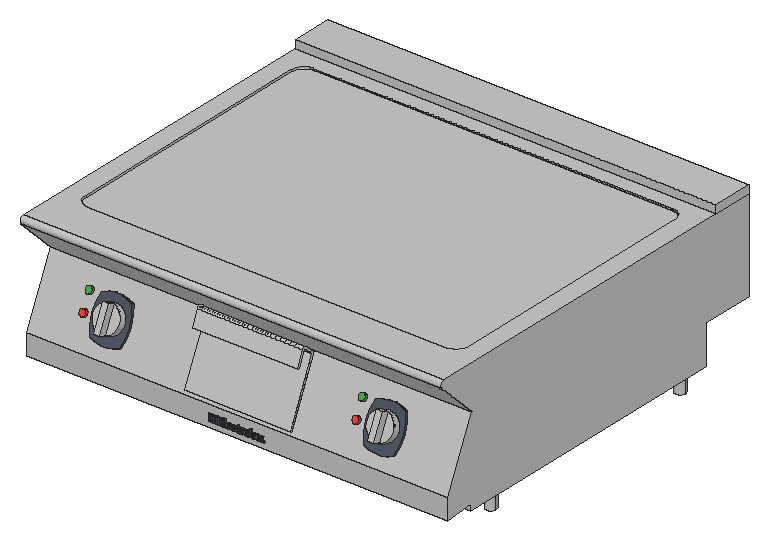
Revit family "QF_ELECTROLUXPROFESSIONAL_Professional_371329_E7IIMIAOMEA", category Specialty Equipment, Revit 2018
Family settings
  Round Connector Dimension = Use Diameter
  Part Type = Normal
  Work Plane-Based = No
  Always vertical = Yes
  Cut with Voids When Loaded = No
  Shared = No
  Room Calculation Point = No
Parameters
  Width = 800.1 mm  # constant formula
  Weight in Pounds = 185  # constant formula
  Watts = 7800 VA  # 7800 W
  Volts = 230 V  # constant formula
  URL Cutsheet = "www.electrolux.com/foodservice"
  URL = "www.electrolux.com/foodservice"
  Type Mark [instance] = ""
  Status [instance] = ""
  Specification by User [instance] = ""
  Specification by Manufacturer = ""
  Show Logo [instance] = yes
  Show Clearance [instance] = yes
  Serial Number = ""
  Seismic Rating = ""
  SMACNA No = ""
  Revision Code [instance] = ""
  Phase = 3  # constant formula
  Omniclass Number and Title = ""
  Number of Poles [instance] = 1
  NAFEM Spec ID Number = ""
  Model = "371200"
  Min Ckt Ampacity = 0 A
  Max Overcurrent Protection = 0 A
  Masterspec = ""
  Manufacturer = "ELECTROLUX"
  Item Number [instance] = ""
  Installed By [instance] = ""
  Identify Quantity as Lot [instance] = yes
  Height = 290.5 mm  # constant formula
  HP = "10.5 HP"
  Furnished By [instance] = ""
  Foodservice Equipment Identifier [instance] = yes
  FL Amps = if(Phase = 3, Watts / (Volts * 1.73), Watts / Volts)  # 19.6029 A
  Electrical Remarks [instance] = "230 V/3 ph/50/60 Hz"  # constant formula
  Electric Connection Type [instance] = ""
  Elec Conn RI Height [instance] = 0 mm
  Elec Conn Connection Height [instance] = 0 mm
  Direct Waste Size = 0"
  Description = "700XP Full Module Electricl Fry Top, 2/3 Smooth - 1/3 Ribbed Plate, Mild Steel - 230V"
  Depth = 730.25 mm  # constant formula
  Cycle [instance] = if([60 Hertz Option], 60 Hz, 50 Hz)  # 60 Hz
  Conn Plug = ""
  Conn Conduit = yes
  CSI MasterFormat = ""
  CSI Master Format = ""
  Base Height [instance] = 25.4 mm
  Apparent Power = if(Phase = 3, Volts * FL Amps * 1.73, Volts * FL Amps)  # 7800 VA
  60 Hertz Option [instance] = not([50 Hertz Option])  # yes
  50 Hertz Option [instance] = no
Reference planes
  plane 1 "BACK": y = 0
  plane 2: z = 0
  plane 3 "LEFT": x = 0
  plane 4 "RIGHT": x = 800.1
  plane 5 "FRONT": y = -730.25
  plane 6 "TOP": z = 290.5
  plane 7 "Center Y": x = 400.05
  plane 8 "Center X": y = -365.125
  plane 9 "BASE": z = 25.4
Forms (mm)
  Extrusion 1, solid, material "QF_Finishes_Clearance", visible <- "Show Clearance", detail levels coarse
    sketch origin (0, 0, 0) x (1, 0, 0) y (0, 1, 0)
      loop
        line (0, -730.25) -> (0, 0) -> (800.1, 0) -> (800.1, -730.25) -> (950.119, -730.25) -> (950.119, 150.019) -> (-150.019, 150.019) -> (-150.019, -730.25) -> (0, -730.25)
    from 0 to 290.5
  Extrusion 2, solid, material "QF_Finishes_Stainless Steel"
    sketch origin (0, 0, 0) x (0, 1, 0) y (0, 0, 1)
      loop
        line (0, 275.388) -> (-722.94, 275.388)
        arc (-722.94, 275.388) -> (-729.701, 270.87) -> (-728.114, 262.895) r 7.318
        line (-728.114, 262.895) -> (-657.676, 192.457) -> (-713.772, 70.59) -> (-713.772, 32.49) -> (-660.4, 38.1) -> (-660.4, 25.4) -> (-101.6, 25.4) -> (-101.6, 100.012) -> (0, 100.012) -> (0, 275.388)
    from 0 to 800.1
  Extrusion 3, void
    sketch origin (0, 0, 275.388) x (1, 0, 0) y (0, -1, 0)
      loop
        line (60.425, 104.885) -> (739.675, 104.885)
        arc (739.675, 104.885) -> (757.636, 112.324) -> (765.075, 130.285) r 25.4
        line (765.075, 130.285) -> (765.075, 619.485)
        arc (765.075, 619.485) -> (757.636, 637.445) -> (739.675, 644.885) r 25.4
        line (739.675, 644.885) -> (60.425, 644.885)
        arc (60.425, 644.885) -> (42.464, 637.445) -> (35.025, 619.485) r 25.4
        line (35.025, 619.485) -> (35.025, 130.285)
        arc (35.025, 130.285) -> (42.464, 112.324) -> (60.425, 104.885) r 25.4
    from 0 to 3.2
  Extrusion 4, solid, material "QF_Finishes_Stainless Steel"
    sketch origin (0, 0, 0) x (1, 0, 0) y (0, 1, 0)
      loop
        circle (11.112, -147.638) r 9.525
      loop
        circle (11.112, -597.884) r 9.525
      loop
        circle (788.987, -147.638) r 9.525
      loop
        circle (788.987, -597.884) r 9.525
    from 0 to 25.4
  Extrusion 5, solid, material "QF_Finishes_Stainless Steel"
    sketch origin (0, -101.6, 100.012) x (0, 0, -1) y (-1, 0, 0)
      loop
        circle (40.707, -749.3) r 12.7
    from 0 to 3.175
  Extrusion 6, solid, material "QF_Finishes_Stainless Steel"
    sketch origin (400.05, 175.397, 1219.2) x (0, 1, 0) y (0, 0, 1)
      loop
        line (-834.228, -1029.241) -> (-850.635, -1012.834)
        arc (-850.635, -1012.834) -> (-855.102, -1011.432) -> (-858.806, -1014.296) r 5.058
        line (-858.806, -1014.296) -> (-871.468, -1041.806) -> (-868.584, -1043.134) -> (-855.922, -1015.624)
        arc (-855.922, -1015.624) -> (-854.543, -1014.557) -> (-852.88, -1015.079) r 1.883
        line (-852.88, -1015.079) -> (-838.037, -1029.922) -> (-888.871, -1140.367) -> (-885.987, -1141.695) -> (-834.228, -1029.241)
    from 100 to -100
  Extrusion 7, solid, material "QF_Finishes_Drawer Clearance", visible <- "Show Clearance", detail levels coarse
    sketch origin (293.7, -101.6, 0) x (0, 1, 0) y (0, 0, 1)
      loop
        line (-660.751, 176.066) -> (-648.089, 203.576)
        arc (-648.089, 203.576) -> (-646.71, 204.643) -> (-645.046, 204.121) r 1.883
        line (-645.046, 204.121) -> (-630.204, 189.278) -> (-681.037, 78.833) -> (-678.153, 77.505) -> (-608.989, 77.505) -> (-557.231, 189.959) -> (-573.638, 206.366)
        arc (-573.638, 206.366) -> (-574.873, 207.273) -> (-576.323, 207.768) r 5.058
        line (-576.323, 207.768) -> (-647.269, 207.768)
        arc (-647.269, 207.768) -> (-649.472, 206.79) -> (-650.973, 204.904) r 5.058
        line (-650.973, 204.904) -> (-663.635, 177.394) -> (-660.751, 176.066)
    from 6.35 to 206.35
  Extrusion 8, solid, material "QF_Finishes_Navy Blue"
    sketch origin (0, -713.772, 70.59) x (0, 0.418137, 0.908384) y (-1, 0, 0)
      loop
        arc (100.548, -111.195) -> (65.254, -103.821) -> (29.891, -110.852) r 90.252
        arc (29.891, -110.852) -> (23.059, -139.635) -> (29.652, -168.474) r 65.19
        arc (29.652, -168.474) -> (65.166, -175.722) -> (100.621, -168.194) r 88.914
        arc (100.621, -168.194) -> (107.168, -139.686) -> (100.548, -111.195) r 64.978
    from 0 to 3.175
  Extrusion 9, solid, material "QF_Finishes_Stainless Steel"
    sketch origin (-21.25, -717.485, 70.116) x (0, 0.418137, 0.908384) y (-1, 0, 0)
      loop
        circle (68.826, -160.963) r 25.4
    from 0 to 12.7
  Extrusion 10, solid, material "QF_Finishes_Stainless Steel"
    sketch origin (-21.25, -729.022, 75.427) x (0, 0.418137, 0.908384) y (-1, 0, 0)
      loop
        arc (93.558, -166.749) -> (94.226, -160.963) -> (93.558, -155.177) r 25.4
        line (93.558, -155.177) -> (44.094, -155.177)
        arc (44.094, -155.177) -> (43.426, -160.963) -> (44.094, -166.749) r 25.4
        line (44.094, -166.749) -> (93.558, -166.749)
    from 0 to 12.7
  Extrusion 11, solid, material "QF_Finishes_Red"
    sketch origin (0, -713.772, 70.59) x (0, 0.418137, 0.908384) y (-1, 0, 0)
      loop
        circle (60.004, -87.788) r 6.35
    from 0 to 3.175
  Extrusion 12, solid, material "QF_Finishes_Red"
    sketch origin (0, -713.772, 70.59) x (0, 0.418137, 0.908384) y (-1, 0, 0)
      loop
        circle (60.004, -607.001) r 6.35
    from 0 to 3.175
  Extrusion 13, solid, material "QF_Finishes_Green"
    sketch origin (0, -713.772, 70.59) x (0, 0.418137, 0.908384) y (-1, 0, 0)
      loop
        circle (95.7, -87.788) r 6.35
    from 0 to 3.175
  Extrusion 14, solid, material "QF_Finishes_Green"
    sketch origin (0, -713.772, 70.59) x (0, 0.418137, 0.908384) y (-1, 0, 0)
      loop
        circle (95.7, -607.001) r 6.35
    from 0 to 3.175
  Extrusion 15, solid, material "QF_Finishes_Stainless Steel"
    sketch origin (0, 0, 0) x (0, 1, 0) y (0, 0, 1)
      loop
        line (0, 275.388) -> (0, 290.5) -> (-76.2, 290.5) -> (-76.2, 275.388) -> (0, 275.388)
    from 0 to 800.1
  Extrusion 16, solid, material "QF_Finishes_Stainless Steel"
    sketch origin (821.35, -717.485, 70.116) x (0, 0.418137, 0.908384) y (-1, 0, 0)
      loop
        circle (68.826, 160.963) r 25.4
    from 0 to 12.7
  Extrusion 17, solid, material "QF_Finishes_Stainless Steel"
    sketch origin (821.35, -729.022, 75.427) x (0, 0.418137, 0.908384) y (-1, 0, 0)
      loop
        line (93.558, 166.749) -> (44.094, 166.749)
        arc (44.094, 166.749) -> (43.426, 160.963) -> (44.094, 155.177) r 25.4
        line (44.094, 155.177) -> (93.558, 155.177)
        arc (93.558, 155.177) -> (94.226, 160.963) -> (93.558, 166.749) r 25.4
    from 0 to 12.7
  Extrusion 18, solid, material "QF_Finishes_Navy Blue"
    sketch origin (800.1, -713.772, 70.59) x (0, 0.418137, 0.908384) y (-1, 0, 0)
      loop
        arc (100.548, 111.2) -> (107.167, 139.689) -> (100.621, 168.194) r 64.977
        arc (100.621, 168.194) -> (65.165, 175.601) -> (29.652, 168.469) r 90.248
        arc (29.652, 168.469) -> (23.06, 139.633) -> (29.891, 110.852) r 65.189
        arc (29.891, 110.852) -> (65.255, 103.729) -> (100.548, 111.2) r 89.179
    from 0 to 3.175
  Extrusion 19, solid, material "QF_Finishes_Navy Blue", visible <- "Show Logo"
    sketch origin (58.349, -713.772, 35.665) x (0, 0, 1) y (-1, 0, 0)
      loop
        line (20.674, -296.698) -> (8.307, -296.698)
        arc (8.307, -296.698) -> (14.491, -301.27) -> (20.674, -296.698) r 6.467
      loop
        arc (20.674, -296.069) -> (19.505, -290.926) -> (14.849, -288.448) r 6.338
        line (14.849, -288.448) -> (14.849, -290.494)
        arc (14.849, -290.494) -> (16.333, -294.149) -> (19.778, -296.069) r 5.941
        line (19.778, -296.069) -> (20.674, -296.069)
      loop
        arc (9.203, -296.069) -> (12.648, -294.149) -> (14.132, -290.494) r 5.941
        line (14.132, -290.494) -> (14.132, -288.448)
        arc (14.132, -288.448) -> (9.438, -290.922) -> (8.148, -296.069) r 6.504
        line (8.148, -296.069) -> (9.203, -296.069)
      loop
        line (21.349, -287.979) -> (7.604, -287.979) -> (7.604, -301.742) -> (21.349, -301.742) -> (21.349, -287.979)
      loop
        arc (21.432, -304.71) -> (21.085, -304.352) -> (20.718, -304.69) r 0.358
        arc (20.718, -304.69) -> (20.404, -305.44) -> (19.687, -305.825) r 1.216
        line (19.687, -305.825) -> (9.274, -305.825)
        arc (9.274, -305.825) -> (8.614, -305.548) -> (8.218, -304.951) r 1.238
        arc (8.218, -304.951) -> (7.823, -304.7) -> (7.518, -305.054) r 0.358
        line (7.518, -305.054) -> (7.518, -314.933) -> (10.269, -314.933) -> (10.269, -314.036)
        arc (10.269, -314.036) -> (9.36, -313.456) -> (8.904, -312.479) r 1.928
        line (8.904, -312.479) -> (8.904, -309.98)
        arc (8.904, -309.98) -> (9.18, -309.251) -> (9.868, -308.887) r 1.101
        line (9.868, -308.887) -> (13.955, -308.887) -> (13.955, -312.561)
        arc (13.955, -312.561) -> (13.602, -313.058) -> (13.037, -313.286) r 1.083
        arc (13.037, -313.286) -> (12.773, -313.591) -> (13.065, -313.869) r 0.292
        line (13.065, -313.869) -> (16.028, -313.869)
        arc (16.028, -313.869) -> (16.33, -313.596) -> (16.092, -313.266) r 0.305
        arc (16.092, -313.266) -> (15.601, -313.018) -> (15.296, -312.561) r 1.083
        line (15.296, -312.561) -> (15.296, -308.887) -> (19.973, -308.887) -> (19.973, -312.635)
        arc (19.973, -312.635) -> (19.759, -313.39) -> (19.153, -313.888) r 1.314
        arc (19.153, -313.888) -> (18.934, -314.292) -> (19.288, -314.585) r 0.361
        line (19.288, -314.585) -> (21.432, -314.585) -> (21.432, -304.71)
      loop
        arc (20.715, -315.365) -> (20.335, -316.284) -> (19.416, -316.664) r 1.299
        line (19.416, -316.664) -> (9.837, -316.664)
        arc (9.837, -316.664) -> (8.999, -316.286) -> (8.728, -315.408) r 1.118
        line (8.728, -315.408) -> (7.518, -315.408) -> (7.518, -320.758) -> (8.706, -320.758)
        arc (8.706, -320.758) -> (8.978, -319.841) -> (9.848, -319.445) r 1.153
        line (9.848, -319.445) -> (21.92, -319.445) -> (20.715, -315.365)
      loop
        line (12.483, -323.394) -> (12.483, -329.842) -> (13.282, -329.842)
        arc (13.282, -329.842) -> (15.862, -328.857) -> (17.131, -326.404) r 3.874
        line (17.131, -326.404) -> (17.131, -324.643)
        arc (17.131, -324.643) -> (15.944, -321.778) -> (13.08, -320.592) r 4.051
        line (13.08, -320.592) -> (11.072, -320.592)
        arc (11.072, -320.592) -> (8.253, -322.077) -> (7.202, -325.084) r 4.352
        arc (7.202, -325.084) -> (7.566, -327.547) -> (8.943, -329.621) r 5.713
        line (8.943, -329.621) -> (9.892, -329.621)
        arc (9.892, -329.621) -> (9.16, -328.052) -> (8.943, -326.334) r 5.579
        arc (8.943, -326.334) -> (9.737, -324.371) -> (11.616, -323.394) r 3.057
        line (11.616, -323.394) -> (12.483, -323.394)
      loop
        line (13.742, -323.394) -> (13.742, -326.977)
        arc (13.742, -326.977) -> (15.199, -327.024) -> (16.082, -325.864) r 1.59
        line (16.082, -325.864) -> (16.082, -325.034)
        arc (16.082, -325.034) -> (15.217, -323.779) -> (13.742, -323.394) r 2.184
      loop
        arc (16.533, -339.259) -> (17.022, -337.585) -> (17.179, -335.848) r 9.023
        line (17.179, -335.848) -> (17.179, -334.486)
        arc (17.179, -334.486) -> (16.02, -331.686) -> (13.22, -330.527) r 3.959
        line (13.22, -330.527) -> (10.62, -330.527)
        arc (10.62, -330.527) -> (8.338, -331.819) -> (7.221, -334.192) r 4.331
        line (7.221, -334.192) -> (7.221, -336.327)
        arc (7.221, -336.327) -> (7.729, -337.877) -> (8.651, -339.223) r 5.772
        arc (8.651, -339.223) -> (9.412, -339.274) -> (9.499, -338.515) r 0.553
        arc (9.499, -338.515) -> (9.111, -337.781) -> (8.977, -336.962) r 2.573
        line (8.977, -336.962) -> (8.977, -335.447)
        arc (8.977, -335.447) -> (9.983, -333.806) -> (11.798, -333.163) r 2.884
        line (11.798, -333.163) -> (13.077, -333.163)
        arc (13.077, -333.163) -> (14.898, -333.723) -> (15.824, -335.388) r 2.554
        line (15.824, -335.388) -> (15.824, -336.441)
        arc (15.824, -336.441) -> (15.493, -337.369) -> (14.836, -338.104) r 2.564
        arc (14.836, -338.104) -> (14.614, -338.821) -> (15.223, -339.259) r 0.643
        line (15.223, -339.259) -> (16.533, -339.259)
      loop
        line (15.515, -339.53) -> (15.515, -341.031) -> (9.467, -341.031)
        arc (9.467, -341.031) -> (7.879, -341.688) -> (7.221, -343.276) r 2.246
        line (7.221, -343.276) -> (7.221, -344.86)
        arc (7.221, -344.86) -> (7.535, -345.725) -> (8.035, -346.496) r 4.06
        arc (8.035, -346.496) -> (8.768, -346.629) -> (9.019, -345.928) r 0.576
        arc (9.019, -345.928) -> (8.913, -345.403) -> (8.977, -344.87) r 1.69
        arc (8.977, -344.87) -> (9.519, -344.082) -> (10.425, -343.779) r 1.506
        line (10.425, -343.779) -> (15.563, -343.779) -> (15.563, -346.176) -> (16.119, -346.733) -> (16.941, -346.733) -> (16.941, -343.873) -> (20.172, -343.873) -> (15.515, -339.53)
      loop
        line (7.438, -347.63) -> (7.438, -353.017) -> (8.548, -353.017)
        arc (8.548, -353.017) -> (8.942, -352.066) -> (9.893, -351.672) r 1.345
        line (9.893, -351.672) -> (13.509, -351.672)
        arc (13.509, -351.672) -> (14.274, -352.264) -> (14.564, -353.186) r 1.615
        line (14.564, -353.186) -> (14.564, -354.742) -> (17.119, -355.427) -> (17.119, -354.044) -> (15.177, -351.485) -> (17.057, -351.485) -> (16.773, -348.779)
        arc (16.773, -348.779) -> (16.333, -348.249) -> (15.674, -348.45) r 0.621
        arc (15.674, -348.45) -> (15.274, -348.792) -> (14.78, -348.975) r 1.501
        line (14.78, -348.975) -> (9.893, -348.975)
        arc (9.893, -348.975) -> (8.942, -348.581) -> (8.548, -347.63) r 1.345
        line (8.548, -347.63) -> (7.438, -347.63)
      loop
        line (13.54, -354.964) -> (10.848, -354.964)
        arc (10.848, -354.964) -> (8.403, -356.272) -> (7.269, -358.803) r 4.288
        arc (7.269, -358.803) -> (7.205, -360.183) -> (7.269, -361.563) r 15.022
        arc (7.269, -361.563) -> (8.403, -364.094) -> (10.848, -365.401) r 4.288
        line (10.848, -365.401) -> (13.54, -365.401)
        arc (13.54, -365.401) -> (15.986, -364.094) -> (17.119, -361.563) r 4.288
        arc (17.119, -361.563) -> (17.183, -360.183) -> (17.119, -358.803) r 15.022
        arc (17.119, -358.803) -> (15.986, -356.272) -> (13.54, -354.964) r 4.288
      loop
        line (13.745, -358.078) -> (10.643, -358.078)
        arc (10.643, -358.078) -> (8.486, -360.235) -> (10.643, -362.392) r 2.157
        line (10.643, -362.392) -> (13.745, -362.392)
        arc (13.745, -362.392) -> (15.902, -360.235) -> (13.745, -358.078) r 2.157
      loop
        arc (20.726, -365.26) -> (20.355, -366.154) -> (19.461, -366.524) r 1.264
        line (19.461, -366.524) -> (9.597, -366.524)
        arc (9.597, -366.524) -> (8.727, -366.127) -> (8.455, -365.211) r 1.153
        line (8.455, -365.211) -> (7.518, -365.211) -> (7.518, -370.319) -> (8.446, -370.319)
        arc (8.446, -370.319) -> (8.805, -369.547) -> (9.597, -369.232) r 1.153
        line (9.597, -369.232) -> (21.92, -369.232) -> (20.726, -365.26)
      loop
        arc (15.846, -369.857) -> (15.647, -370.921) -> (14.678, -371.403) r 1.215
        line (14.678, -371.403) -> (9.658, -371.403)
        arc (9.658, -371.403) -> (8.043, -372.051) -> (7.322, -373.634) r 2.338
        line (7.322, -373.634) -> (7.322, -375.148)
        arc (7.322, -375.148) -> (7.497, -376.152) -> (7.999, -377.038) r 2.979
        line (7.999, -377.038) -> (7.518, -378.835) -> (7.518, -380.524) -> (16.943, -380.524) -> (16.649, -376.32) -> (15.863, -376.32)
        arc (15.863, -376.32) -> (15.507, -377.156) -> (14.755, -377.665) r 1.605
        line (14.755, -377.665) -> (9.652, -377.665)
        arc (9.652, -377.665) -> (9.232, -376.728) -> (9.159, -375.704) r 2.94
        arc (9.159, -375.704) -> (9.72, -374.603) -> (10.873, -374.16) r 1.724
        line (10.873, -374.16) -> (17.07, -374.16) -> (15.846, -369.857)
      loop
        line (16.874, -381.377) -> (15.202, -383.423) -> (12.028, -385.729) -> (8.572, -382.617)
        arc (8.572, -382.617) -> (8.335, -382.223) -> (8.357, -381.764) r 0.789
        line (8.357, -381.764) -> (7.518, -381.764) -> (7.518, -385.309) -> (8.344, -385.309)
        arc (8.344, -385.309) -> (8.686, -384.947) -> (9.176, -385.039) r 0.52
        line (9.176, -385.039) -> (10.976, -386.51) -> (8.858, -387.886)
        arc (8.858, -387.886) -> (8.457, -387.576) -> (8.37, -387.076) r 0.7
        line (8.37, -387.076) -> (7.518, -387.076) -> (7.518, -393.003) -> (8.405, -393.003)
        arc (8.405, -393.003) -> (8.472, -392.344) -> (8.866, -391.813) r 1.247
        line (8.866, -391.813) -> (13.066, -388.532) -> (15.513, -390.585) -> (16.874, -392.327) -> (16.874, -388.604) -> (15.389, -389.026) -> (13.868, -387.749) -> (15.568, -386.559) -> (16.874, -387.336) -> (16.874, -381.377)
    from 0 to 1.644
Cuts and joins
  Extrusion 3 cuts Extrusion 1
  Extrusion 3 cuts Extrusion 2
Lines and regions (mm)
  symbolic lines, style "QF-Clearances", visible <- "Show Clearance", detail levels coarse
    curve 1: line (-150.019, 150.019, 274.638) -> (-150.019, -730.25, 274.638)
    curve 2: line (950.119, 150.019, 274.638) -> (-150.019, 150.019, 274.638)
    curve 3: line (950.119, -730.25, 274.638) -> (950.119, 150.019, 274.638)
  symbolic lines
    curve 4: line (0, 0, 274.638) -> (800.1, 0, 274.638)
    curve 5: line (0, -730.25, 274.638) -> (0, 0, 274.638)
    curve 6: line (800.1, 0, 274.638) -> (800.1, -730.25, 274.638)
    curve 7: arc (35.025, -619.485, 274.638) -> (42.464, -637.445, 274.638) -> (60.425, -644.885, 274.638) r 25.4
    curve 8: arc (739.315, -644.885, 274.638) -> (757.836, -637.213, 274.638) -> (765.507, -618.692, 274.638) r 26.193
    curve 9: line (0, -76.2, 274.638) -> (800.1, -76.2, 274.638)
    curve 10: line (800.1, -730.25, 274.638) -> (0, -730.25, 274.638)
    curve 11: arc (64.125, -104.885, 274.638) -> (43.548, -113.408, 274.638) -> (35.025, -133.985, 274.638) r 29.1
    curve 12: arc (739.963, -104.885, 274.638) -> (758.026, -112.367, 274.638) -> (765.507, -130.429, 274.638) r 25.544
    curve 13: line (60.425, -644.885, 274.638) -> (739.315, -644.885, 274.638)
    curve 17: line (35.025, -133.985, 274.638) -> (35.025, -619.485, 274.638)
    curve 18: line (64.125, -104.885, 274.638) -> (739.963, -104.885, 274.638)
    curve 19: line (765.507, -130.429, 274.638) -> (765.507, -618.692, 274.638)
  symbolic lines, style "QF_Drawer Clearance", visible <- "Show Clearance", detail levels coarse
    curve 14: line (300.05, -782.637, 274.638) -> (500.05, -782.637, 274.638)
    curve 15: line (500.05, -782.637, 274.638) -> (500.05, -730.25, 274.638)
    curve 16: line (300.05, -782.637, 274.638) -> (300.05, -730.25, 274.638)
Dimensions and locks
  equal spacing: plane 3 "LEFT", plane 7 "Center Y", plane 4 "RIGHT"
  "Width": plane 3 "LEFT" to plane 4 "RIGHT"
  equal spacing: plane 5 "FRONT", plane 8 "Center X", plane 1 "BACK"
  "Depth": plane 5 "FRONT" to plane 1 "BACK"
  plane 1 "BACK" to plane 5 "FRONT" = 730.25 mm
  "Base Height": plane 9 "BASE" to level
  plane 9 "BASE" to level = 25.4 mm
  "Height": plane 6 "TOP" to level
  aligned and locked: level to plane 2
  aligned and locked: plane 6 "TOP" to Extrusion 1
  aligned and locked: plane 4 "RIGHT" to cut or joined group of Extrusion 2, Extrusion 3
  aligned and locked: plane 4 "RIGHT" to Extrusion 15
Automatic sketch dimensions
  plane 5 "FRONT" to Extrusion 1 sketch curve = 0 mm  (x2)
  plane 1 "BACK" to Extrusion 1 sketch curve = 0 mm
  Extrusion 1 sketch curve to plane 3 "LEFT" = 0 mm
  Extrusion 1 sketch curve to plane 4 "RIGHT" = 0 mm
  Extrusion 1 sketch curve to plane 3 "LEFT" = 150.019 mm
  plane 4 "RIGHT" to Extrusion 1 sketch curve = 150.019 mm
  Extrusion 1 sketch curve to plane 1 "BACK" = 150.019 mm
  Extrusion 2 sketch curve to plane 9 "BASE" = 0 mm
  Extrusion 2 sketch curve to plane 1 "BACK" = 0 mm
  plane 1 "BACK" to Extrusion 2 sketch curve = 101.6 mm
  Extrusion 2 sketch curve to plane 5 "FRONT" = 72.574 mm
  plane 9 "BASE" to Extrusion 2 sketch curve = 12.7 mm
  Extrusion 2 sketch curve to plane 5 "FRONT" = 69.85 mm
  Extrusion 2 sketch curve to plane 5 "FRONT" = 16.478 mm
  Extrusion 2 sketch curve to plane 5 "FRONT" = 7.31 mm
  Extrusion 2 sketch curve to plane 5 "FRONT" = 2.136 mm
  plane 9 "BASE" to Extrusion 2 sketch curve = 7.09 mm
  Extrusion 2 sketch curve to Extrusion 2 sketch curve = 38.1 mm
  plane 9 "BASE" to Extrusion 2 sketch curve = 74.612 mm
  Extrusion 2 sketch curve to plane 6 "TOP" = 98.043 mm
  Extrusion 2 sketch curve to plane 6 "TOP" = 27.605 mm
  Extrusion 2 sketch curve to Extrusion 2 sketch curve = 5.174 mm
  Extrusion 2 to Extrusion 3 sketch curve = 35.025 mm
  Extrusion 3 sketch curve to Extrusion 3 sketch curve = 25.4 mm  (x3)
  Extrusion 2 to Extrusion 3 sketch curve = 60.425 mm  (x2)
  Extrusion 2 to Extrusion 3 sketch curve = 78.055 mm
  Extrusion 2 to Extrusion 3 sketch curve = 130.285 mm
  plane 3 "LEFT" to Extrusion 4 sketch curve = 11.112 mm  (x2)
  Extrusion 4 sketch curve to plane 4 "RIGHT" = 11.113 mm  (x2)
  Extrusion 4 sketch curve to plane 5 "FRONT" = 132.366 mm  (x2)
  plane 1 "BACK" to Extrusion 4 sketch curve = 147.638 mm  (x2)
  Extrusion 2 to Extrusion 5 sketch curve = 33.906 mm
  Extrusion 2 to Extrusion 5 sketch curve = 50.8 mm
  Extrusion 6 sketch curve to Extrusion 6 sketch curve = 0 mm  (x2)
  Extrusion 6 sketch curve to plane 5 "FRONT" = 16.776 mm
  Extrusion 6 sketch curve to Extrusion 6 sketch curve = 2.884 mm  (x3)
  Extrusion 6 sketch curve to plane 5 "FRONT" = 34.179 mm
  Extrusion 6 sketch curve to Extrusion 6 sketch curve = 12.662 mm
  Extrusion 6 sketch curve to Extrusion 6 sketch curve = 1.711 mm
  Extrusion 6 sketch curve to Extrusion 6 sketch curve = 1.332 mm
  Extrusion 6 sketch curve to Extrusion 6 sketch curve = 2.245 mm
  Extrusion 6 sketch curve to Extrusion 6 sketch curve = 14.843 mm
  Extrusion 6 sketch curve to Extrusion 6 sketch curve = 3.809 mm
  plane 9 "BASE" to Extrusion 6 sketch curve = 52.105 mm
  Extrusion 6 sketch curve to Extrusion 6 sketch curve = 1.327 mm  (x2)
  Extrusion 6 sketch curve to Extrusion 6 sketch curve = 13.211 mm
  Extrusion 6 sketch curve to Extrusion 6 sketch curve = 0.787 mm
  Extrusion 7 sketch curve to Extrusion 7 sketch curve = 0 mm  (x2)
  plane 5 "FRONT" to Extrusion 7 sketch curve = 52.387 mm
  Extrusion 7 sketch curve to Extrusion 7 sketch curve = 2.884 mm  (x3)
  plane 5 "FRONT" to Extrusion 7 sketch curve = 34.985 mm
  plane 5 "FRONT" to Extrusion 7 sketch curve = 22.323 mm
  Extrusion 7 sketch curve to Extrusion 7 sketch curve = 0.82 mm
  Extrusion 7 sketch curve to Extrusion 7 sketch curve = 1.711 mm
  Extrusion 7 sketch curve to Extrusion 7 sketch curve = 1.332 mm
  plane 5 "FRONT" to Extrusion 7 sketch curve = 1.554 mm
  Extrusion 7 sketch curve to plane 5 "FRONT" = 19.661 mm
  Extrusion 7 sketch curve to plane 5 "FRONT" = 51.436 mm
  Extrusion 7 sketch curve to Extrusion 7 sketch curve = 0.891 mm
  Extrusion 7 sketch curve to Extrusion 7 sketch curve = 2.686 mm
  Extrusion 7 sketch curve to Extrusion 7 sketch curve = 16.406 mm
  plane 9 "BASE" to Extrusion 7 sketch curve = 52.105 mm
  Extrusion 7 sketch curve to Extrusion 7 sketch curve = 1.327 mm  (x2)
  Extrusion 7 sketch curve to Extrusion 7 sketch curve = 13.211 mm
  Extrusion 7 sketch curve to Extrusion 7 sketch curve = 0.681 mm
  Extrusion 7 sketch curve to Extrusion 7 sketch curve = 0.787 mm
  Extrusion 7 sketch curve to Extrusion 7 sketch curve = 4.979 mm
  Extrusion 8 sketch curve to Extrusion 2 = 29.652 mm
  Extrusion 8 sketch curve to Extrusion 2 = 29.891 mm
  Extrusion 8 sketch curve to Extrusion 8 sketch curve = 12.538 mm
  Extrusion 8 sketch curve to Extrusion 8 sketch curve = 35.163 mm
  Extrusion 8 sketch curve to Extrusion 8 sketch curve = 34.925 mm
  Extrusion 2 to Extrusion 8 sketch curve = 45.909 mm
  Extrusion 8 sketch curve to Extrusion 8 sketch curve = 12.3 mm
  Extrusion 8 sketch curve to Extrusion 8 sketch curve = 12.373 mm
  Extrusion 2 to Extrusion 8 sketch curve = 194.072 mm
  Extrusion 8 sketch curve to Extrusion 8 sketch curve = 25.598 mm
  Extrusion 8 sketch curve to Extrusion 8 sketch curve = 25.878 mm
  Extrusion 8 sketch curve to Extrusion 8 sketch curve = 28.289 mm
  Extrusion 10 sketch curve to Extrusion 10 sketch curve = 24.732 mm
  Extrusion 10 sketch curve to Extrusion 10 sketch curve = 0 mm
  Extrusion 11 sketch curve to Extrusion 2 = 60.004 mm
  Extrusion 2 to Extrusion 11 sketch curve = 87.788 mm
  Extrusion 12 sketch curve to Extrusion 2 = 60.004 mm
  Extrusion 2 to Extrusion 12 sketch curve = 193.099 mm
  Extrusion 2 to Extrusion 13 sketch curve = 38.458 mm
  Extrusion 2 to Extrusion 13 sketch curve = 87.788 mm
  Extrusion 2 to Extrusion 14 sketch curve = 38.458 mm
  Extrusion 2 to Extrusion 14 sketch curve = 193.099 mm
  Extrusion 15 sketch curve to plane 6 "TOP" = 0 mm
  Extrusion 15 sketch curve to plane 1 "BACK" = 0 mm
  plane 1 "BACK" to Extrusion 15 sketch curve = 76.2 mm
  Extrusion 15 sketch curve to plane 6 "TOP" = 15.112 mm
  Extrusion 17 sketch curve to Extrusion 17 sketch curve = 24.732 mm
  Extrusion 17 sketch curve to Extrusion 17 sketch curve = 0 mm
  Extrusion 18 sketch curve to Extrusion 2 = 29.652 mm
  Extrusion 18 sketch curve to Extrusion 2 = 29.891 mm
  Extrusion 18 sketch curve to Extrusion 18 sketch curve = 12.538 mm
  Extrusion 18 sketch curve to Extrusion 18 sketch curve = 35.163 mm
  Extrusion 18 sketch curve to Extrusion 18 sketch curve = 34.925 mm
  Extrusion 2 to Extrusion 18 sketch curve = 45.909 mm
  Extrusion 18 sketch curve to Extrusion 18 sketch curve = 12.3 mm
  Extrusion 18 sketch curve to Extrusion 18 sketch curve = 12.373 mm
  Extrusion 2 to Extrusion 18 sketch curve = 85.354 mm
  Extrusion 18 sketch curve to Extrusion 18 sketch curve = 25.498 mm
  Extrusion 18 sketch curve to Extrusion 18 sketch curve = 25.846 mm
  Extrusion 18 sketch curve to Extrusion 18 sketch curve = 28.921 mm
  plane 5 "FRONT" to curve 3 = 0 mm
  plane 1 "BACK" to curve 4 = 0 mm
  curve 4 to plane 4 "RIGHT" = 0 mm
  plane 5 "FRONT" to curve 15 = 0 mm
  curve 5 to plane 3 "LEFT" = 0 mm
  plane 5 "FRONT" to curve 1 = 0 mm
  plane 4 "RIGHT" to curve 3 = 150.019 mm
  curve 8 to plane 4 "RIGHT" = 34.593 mm
  curve 12 to curve 12 = 25.544 mm
  curve 19 to curve 8 = 26.193 mm
  plane 7 "Center Y" to curve 15 = 100 mm
  curve 16 to plane 7 "Center Y" = 100 mm
  plane 3 "LEFT" to curve 18 = 64.125 mm
  plane 3 "LEFT" to curve 13 = 60.425 mm
  curve 7 to curve 7 = 25.4 mm
  curve 1 to plane 3 "LEFT" = 150.019 mm
  curve 1 to plane 1 "BACK" = 150.019 mm
  plane 1 "BACK" to curve 9 = 76.2 mm
  curve 9 to curve 18 = 28.685 mm
  curve 19 to plane 5 "FRONT" = 111.558 mm
  plane 5 "FRONT" to curve 14 = 52.387 mm
  plane 9 "BASE" to Extrusion 19 sketch curve = 12.426 mm
  plane 9 "BASE" to Extrusion 19 sketch curve = 17.467 mm
  plane 7 "Center Y" to Extrusion 19 sketch curve = 3.159 mm
  Extrusion 19 sketch curve to Extrusion 19 sketch curve = 5.06 mm
  Extrusion 19 sketch curve to Extrusion 19 sketch curve = 0 mm  (x28)
  Extrusion 19 sketch curve to Extrusion 19 sketch curve = 5.108 mm  (x2)
  Extrusion 19 sketch curve to Extrusion 19 sketch curve = 0.054 mm
  Extrusion 19 sketch curve to Extrusion 19 sketch curve = 0.218 mm
  Extrusion 19 sketch curve to Extrusion 19 sketch curve = 0.195 mm
  Extrusion 19 sketch curve to Extrusion 19 sketch curve = 0.249 mm
  plane 9 "BASE" to Extrusion 19 sketch curve = 17.783 mm
  Extrusion 19 sketch curve to Extrusion 19 sketch curve = 0.087 mm
  Extrusion 19 sketch curve to Extrusion 19 sketch curve = 0.358 mm
  Extrusion 19 sketch curve to Extrusion 19 sketch curve = 0.481 mm
  Extrusion 19 sketch curve to Extrusion 19 sketch curve = 0.597 mm
  Extrusion 19 sketch curve to Extrusion 19 sketch curve = 0.544 mm
  Extrusion 19 sketch curve to Extrusion 19 sketch curve = 0.936 mm
  Extrusion 19 sketch curve to Extrusion 19 sketch curve = 0.594 mm
  Extrusion 19 sketch curve to Extrusion 19 sketch curve = 0.343 mm
  Extrusion 19 sketch curve to Extrusion 19 sketch curve = 0.159 mm
  Extrusion 19 sketch curve to Extrusion 19 sketch curve = 0.826 mm
  Extrusion 19 sketch curve to Extrusion 19 sketch curve = 0.839 mm
  Extrusion 19 sketch curve to Extrusion 19 sketch curve = 0.852 mm
  Extrusion 19 sketch curve to Extrusion 19 sketch curve = 0.887 mm
  Extrusion 19 sketch curve to Extrusion 19 sketch curve = 0.928 mm
  Extrusion 19 sketch curve to Extrusion 19 sketch curve = 0.938 mm
  Extrusion 19 sketch curve to Extrusion 19 sketch curve = 0.444 mm
  Extrusion 19 sketch curve to Extrusion 19 sketch curve = 1.11 mm  (x3)
  Extrusion 19 sketch curve to Extrusion 19 sketch curve = 0.215 mm
  Extrusion 19 sketch curve to Extrusion 19 sketch curve = 1.43 mm
  Extrusion 19 sketch curve to Extrusion 19 sketch curve = 1.188 mm
  Extrusion 19 sketch curve to Extrusion 19 sketch curve = 1.21 mm  (x2)
  Extrusion 19 sketch curve to Extrusion 19 sketch curve = 0.503 mm
  Extrusion 19 sketch curve to Extrusion 19 sketch curve = 0.488 mm
  Extrusion 19 sketch curve to Extrusion 19 sketch curve = 0.462 mm
  Extrusion 19 sketch curve to Extrusion 19 sketch curve = 1.386 mm
  Extrusion 19 sketch curve to Extrusion 19 sketch curve = 1.742 mm  (x2)
  Extrusion 19 sketch curve to Extrusion 19 sketch curve = 0.821 mm
  Extrusion 19 sketch curve to Extrusion 19 sketch curve = 0.497 mm
  Extrusion 19 sketch curve to Extrusion 19 sketch curve = 0.539 mm
  Extrusion 19 sketch curve to Extrusion 19 sketch curve = 0.686 mm
  Extrusion 19 sketch curve to Extrusion 19 sketch curve = 0.408 mm
  Extrusion 19 sketch curve to Extrusion 19 sketch curve = 0.743 mm
  Extrusion 19 sketch curve to Extrusion 19 sketch curve = 1.16 mm
  Extrusion 19 sketch curve to Extrusion 19 sketch curve = 0.329 mm
  Extrusion 19 sketch curve to Extrusion 19 sketch curve = 1.054 mm
  Extrusion 19 sketch curve to Extrusion 19 sketch curve = 1.056 mm
  Extrusion 19 sketch curve to Extrusion 19 sketch curve = 0.129 mm
  Extrusion 19 sketch curve to Extrusion 19 sketch curve = 0.489 mm
  Extrusion 19 sketch curve to Extrusion 19 sketch curve = 0.441 mm
  Extrusion 19 sketch curve to Extrusion 19 sketch curve = 1.151 mm
  Extrusion 19 sketch curve to Extrusion 19 sketch curve = 1.141 mm  (x2)
  Extrusion 19 sketch curve to Extrusion 19 sketch curve = 0.768 mm
  Extrusion 19 sketch curve to Extrusion 19 sketch curve = 1.653 mm
  Extrusion 19 sketch curve to Extrusion 19 sketch curve = 0.499 mm
  Extrusion 19 sketch curve to Extrusion 19 sketch curve = 0.964 mm
  Extrusion 19 sketch curve to Extrusion 19 sketch curve = 0.949 mm
  Extrusion 19 sketch curve to Extrusion 19 sketch curve = 1.345 mm  (x2)
  Extrusion 19 sketch curve to Extrusion 19 sketch curve = 1.101 mm
  Extrusion 19 sketch curve to Extrusion 19 sketch curve = 0.432 mm
  Extrusion 19 sketch curve to Extrusion 19 sketch curve = 1.142 mm
  Extrusion 19 sketch curve to Extrusion 19 sketch curve = 0.959 mm
  Extrusion 19 sketch curve to Extrusion 19 sketch curve = 0.176 mm
  Extrusion 19 sketch curve to Extrusion 19 sketch curve = 0.728 mm
  Extrusion 19 sketch curve to Extrusion 19 sketch curve = 3.375 mm  (x2)
  Extrusion 19 sketch curve to Extrusion 19 sketch curve = 0.541 mm
  Extrusion 19 sketch curve to Extrusion 19 sketch curve = 0.955 mm
  Extrusion 19 sketch curve to Extrusion 19 sketch curve = 1.251 mm
  Extrusion 19 sketch curve to Extrusion 19 sketch curve = 0.572 mm
  Extrusion 19 sketch curve to Extrusion 19 sketch curve = 1.92 mm
  Extrusion 19 sketch curve to Extrusion 19 sketch curve = 1.224 mm
  Extrusion 19 sketch curve to Extrusion 19 sketch curve = 0.745 mm
  Extrusion 19 sketch curve to Extrusion 19 sketch curve = 2.537 mm
  Extrusion 19 sketch curve to Extrusion 19 sketch curve = 0.896 mm  (x3)
  Extrusion 19 sketch curve to Extrusion 19 sketch curve = 0.036 mm
  Extrusion 19 sketch curve to Extrusion 19 sketch curve = 2.607 mm
  Extrusion 19 sketch curve to Extrusion 19 sketch curve = 0.066 mm
  Extrusion 19 sketch curve to Extrusion 19 sketch curve = 0.248 mm
  Extrusion 19 sketch curve to Extrusion 19 sketch curve = 0.449 mm
  Extrusion 19 sketch curve to Extrusion 19 sketch curve = 1.052 mm
  Extrusion 19 sketch curve to Extrusion 19 sketch curve = 1.863 mm
  Extrusion 19 sketch curve to Extrusion 19 sketch curve = 1.31 mm  (x2)
  Extrusion 19 sketch curve to Extrusion 19 sketch curve = 0.901 mm
  Extrusion 19 sketch curve to Extrusion 19 sketch curve = 1.107 mm
  Extrusion 19 sketch curve to Extrusion 19 sketch curve = 2.122 mm
  Extrusion 19 sketch curve to Extrusion 19 sketch curve = 2.101 mm
  Extrusion 19 sketch curve to Extrusion 19 sketch curve = 0.106 mm
  Extrusion 19 sketch curve to Extrusion 19 sketch curve = 0.029 mm
  Extrusion 19 sketch curve to Extrusion 19 sketch curve = 2.09 mm
  Extrusion 19 sketch curve to Extrusion 19 sketch curve = 1.279 mm
  Extrusion 19 sketch curve to Extrusion 19 sketch curve = 2.008 mm
  Extrusion 19 sketch curve to Extrusion 19 sketch curve = 0.738 mm
  Extrusion 19 sketch curve to Extrusion 19 sketch curve = 0.382 mm
  Extrusion 19 sketch curve to Extrusion 19 sketch curve = 0.384 mm
  Extrusion 19 sketch curve to Extrusion 19 sketch curve = 0.002 mm
  Extrusion 19 sketch curve to Extrusion 19 sketch curve = 0.561 mm
  Extrusion 19 sketch curve to Extrusion 19 sketch curve = 0.592 mm
  Extrusion 19 sketch curve to Extrusion 19 sketch curve = 2.692 mm
  Extrusion 19 sketch curve to Extrusion 19 sketch curve = 1.259 mm
  Extrusion 19 sketch curve to Extrusion 19 sketch curve = 0.802 mm
  Extrusion 19 sketch curve to Extrusion 19 sketch curve = 1.024 mm  (x2)
  Extrusion 19 sketch curve to Extrusion 19 sketch curve = 0.682 mm
  Extrusion 19 sketch curve to Extrusion 19 sketch curve = 5.934 mm
  Extrusion 19 sketch curve to Extrusion 19 sketch curve = 2.186 mm
  Extrusion 19 sketch curve to Extrusion 19 sketch curve = 0.337 mm
  Extrusion 19 sketch curve to Extrusion 19 sketch curve = 0.021 mm
  Extrusion 19 sketch curve to Extrusion 19 sketch curve = 1.005 mm
  Extrusion 19 sketch curve to Extrusion 19 sketch curve = 0.552 mm
  Extrusion 19 sketch curve to Extrusion 19 sketch curve = 0.778 mm
  Extrusion 19 sketch curve to Extrusion 19 sketch curve = 0.063 mm
  Extrusion 19 sketch curve to Extrusion 19 sketch curve = 1.023 mm
  Extrusion 19 sketch curve to Extrusion 19 sketch curve = 3.804 mm
  Extrusion 19 sketch curve to Extrusion 19 sketch curve = 0.486 mm
  Extrusion 19 sketch curve to Extrusion 19 sketch curve = 0.266 mm  (x2)
  Extrusion 19 sketch curve to Extrusion 19 sketch curve = 1.547 mm
  Extrusion 19 sketch curve to Extrusion 19 sketch curve = 0.717 mm  (x2)
  Extrusion 19 sketch curve to Extrusion 19 sketch curve = 1.667 mm
  Extrusion 19 sketch curve to Extrusion 19 sketch curve = 3.174 mm
  Extrusion 19 sketch curve to Extrusion 19 sketch curve = 0.388 mm
  Extrusion 19 sketch curve to Extrusion 19 sketch curve = 1.342 mm
  Extrusion 19 sketch curve to Extrusion 19 sketch curve = 1.521 mm
  Extrusion 19 sketch curve to Extrusion 19 sketch curve = 0.124 mm
  Extrusion 19 sketch curve to Extrusion 19 sketch curve = 0.291 mm
  plane 7 "Center Y" to Extrusion 19 sketch curve = 4.475 mm
  Extrusion 19 sketch curve to Extrusion 19 sketch curve = 1.049 mm  (x2)
  Extrusion 19 sketch curve to Extrusion 19 sketch curve = 1.7 mm
  Extrusion 19 sketch curve to Extrusion 19 sketch curve = 0.894 mm
  Extrusion 19 sketch curve to Extrusion 19 sketch curve = 0.989 mm
  Extrusion 19 sketch curve to Extrusion 19 sketch curve = 1.168 mm
  Extrusion 19 sketch curve to Extrusion 19 sketch curve = 1.594 mm
  Extrusion 19 sketch curve to Extrusion 19 sketch curve = 0.731 mm
  Extrusion 19 sketch curve to Extrusion 19 sketch curve = 1.566 mm
  Extrusion 19 sketch curve to Extrusion 19 sketch curve = 0.064 mm
  plane 7 "Center Y" to Extrusion 19 sketch curve = 5.031 mm
  Extrusion 19 sketch curve to Extrusion 19 sketch curve = 0.556 mm  (x2)
  Extrusion 19 sketch curve to Extrusion 19 sketch curve = 0.48 mm
  Extrusion 19 sketch curve to Extrusion 19 sketch curve = 1.018 mm
  Extrusion 19 sketch curve to Extrusion 19 sketch curve = 0.787 mm
  Extrusion 19 sketch curve to Extrusion 19 sketch curve = 0.618 mm
  Extrusion 19 sketch curve to Extrusion 19 sketch curve = 1.672 mm
  Extrusion 19 sketch curve to Extrusion 19 sketch curve = 1.361 mm
  Extrusion 19 sketch curve to Extrusion 19 sketch curve = 0.822 mm
  Extrusion 19 sketch curve to Extrusion 19 sketch curve = 0.069 mm
  Extrusion 19 sketch curve to Extrusion 19 sketch curve = 1.88 mm
  Extrusion 19 sketch curve to Extrusion 19 sketch curve = 0.42 mm
  Extrusion 19 sketch curve to Extrusion 19 sketch curve = 0.062 mm
  Extrusion 19 sketch curve to Extrusion 19 sketch curve = 1.355 mm
  Extrusion 19 sketch curve to Extrusion 19 sketch curve = 2.34 mm
  Extrusion 19 sketch curve to Extrusion 19 sketch curve = 0.493 mm
  Extrusion 19 sketch curve to Extrusion 19 sketch curve = 0.136 mm
  Extrusion 19 sketch curve to Extrusion 19 sketch curve = 0.128 mm
  Extrusion 19 sketch curve to Extrusion 19 sketch curve = 3.616 mm
  Extrusion 19 sketch curve to Extrusion 19 sketch curve = 4.207 mm
  Extrusion 19 sketch curve to Extrusion 19 sketch curve = 0.183 mm
  Extrusion 19 sketch curve to Extrusion 19 sketch curve = 0.895 mm
  Extrusion 19 sketch curve to Extrusion 19 sketch curve = 1.314 mm
  Extrusion 19 sketch curve to Extrusion 19 sketch curve = 3.231 mm
  Extrusion 19 sketch curve to Extrusion 19 sketch curve = 1.299 mm
  Extrusion 19 sketch curve to Extrusion 19 sketch curve = 1.214 mm
  Extrusion 19 sketch curve to Extrusion 19 sketch curve = 1.264 mm
  Extrusion 19 sketch curve to Extrusion 19 sketch curve = 0.109 mm
  Extrusion 19 sketch curve to Extrusion 19 sketch curve = 0.357 mm
  Extrusion 19 sketch curve to Extrusion 19 sketch curve = 0.565 mm
  Extrusion 19 sketch curve to Extrusion 19 sketch curve = 2.504 mm
  Extrusion 19 sketch curve to Extrusion 19 sketch curve = 2.459 mm
  Extrusion 19 sketch curve to Extrusion 19 sketch curve = 1.322 mm
  Extrusion 19 sketch curve to Extrusion 19 sketch curve = 2.77 mm
  Extrusion 19 sketch curve to Extrusion 19 sketch curve = 2.51 mm
  Extrusion 19 sketch curve to Extrusion 19 sketch curve = 0.187 mm
  Extrusion 19 sketch curve to Extrusion 19 sketch curve = 2.559 mm
  Extrusion 19 sketch curve to Extrusion 19 sketch curve = 1.556 mm
  Extrusion 19 sketch curve to Extrusion 19 sketch curve = 0.222 mm
  Extrusion 19 sketch curve to Extrusion 19 sketch curve = 1.383 mm
  Extrusion 19 sketch curve to Extrusion 19 sketch curve = 3.114 mm
  Extrusion 19 sketch curve to Extrusion 19 sketch curve = 3.376 mm
  Extrusion 19 sketch curve to Extrusion 19 sketch curve = 0.934 mm
  Extrusion 19 sketch curve to Extrusion 19 sketch curve = 0.191 mm
  Extrusion 19 sketch curve to Extrusion 19 sketch curve = 3.696 mm
  Extrusion 19 sketch curve to Extrusion 19 sketch curve = 2.708 mm
  Extrusion 19 sketch curve to Extrusion 19 sketch curve = 3.333 mm
  Extrusion 19 sketch curve to Extrusion 19 sketch curve = 0.332 mm
  Extrusion 19 sketch curve to Extrusion 19 sketch curve = 1.087 mm
  Extrusion 19 sketch curve to Extrusion 19 sketch curve = 2.23 mm
  Extrusion 19 sketch curve to Extrusion 19 sketch curve = 2.757 mm
  Extrusion 19 sketch curve to Extrusion 19 sketch curve = 0.987 mm
  Extrusion 19 sketch curve to Extrusion 19 sketch curve = 1.529 mm
  Extrusion 19 sketch curve to Extrusion 19 sketch curve = 1.796 mm
  Extrusion 19 sketch curve to Extrusion 19 sketch curve = 2.859 mm
  Extrusion 19 sketch curve to Extrusion 19 sketch curve = 0.853 mm
  Extrusion 19 sketch curve to Extrusion 19 sketch curve = 1.241 mm
  Extrusion 19 sketch curve to Extrusion 19 sketch curve = 2.046 mm  (x2)
  Extrusion 19 sketch curve to Extrusion 19 sketch curve = 2.422 mm
  Extrusion 19 sketch curve to Extrusion 19 sketch curve = 0.27 mm  (x2)
  Extrusion 19 sketch curve to Extrusion 19 sketch curve = 0.69 mm
  Extrusion 19 sketch curve to Extrusion 19 sketch curve = 0.781 mm  (x2)
  Extrusion 19 sketch curve to Extrusion 19 sketch curve = 3.136 mm
  Extrusion 19 sketch curve to Extrusion 19 sketch curve = 1.767 mm
  Extrusion 19 sketch curve to Extrusion 19 sketch curve = 0.138 mm
  Extrusion 19 sketch curve to Extrusion 19 sketch curve = 0.777 mm
  Extrusion 19 sketch curve to Extrusion 19 sketch curve = 1.19 mm
  Extrusion 19 sketch curve to Extrusion 19 sketch curve = 0.782 mm
  Extrusion 19 sketch curve to Extrusion 19 sketch curve = 1.268 mm
  Extrusion 19 sketch curve to Extrusion 19 sketch curve = 0.422 mm  (x2)
  Extrusion 19 sketch curve to Extrusion 19 sketch curve = 1.559 mm
  Extrusion 19 sketch curve to Extrusion 19 sketch curve = 3.927 mm
  Extrusion 19 sketch curve to Extrusion 19 sketch curve = 0.983 mm
  Extrusion 19 sketch curve to Extrusion 19 sketch curve = 1.134 mm
  Extrusion 19 sketch curve to Extrusion 19 sketch curve = 0.094 mm
  plane 7 "Center Y" to Extrusion 19 sketch curve = 1.575 mm
  Extrusion 19 sketch curve to Extrusion 19 sketch curve = 1.501 mm
  Extrusion 19 sketch curve to Extrusion 19 sketch curve = 1.808 mm
  Extrusion 19 sketch curve to Extrusion 19 sketch curve = 0.643 mm
  Extrusion 19 sketch curve to Extrusion 19 sketch curve = 0.916 mm
  Extrusion 19 sketch curve to Extrusion 19 sketch curve = 0.352 mm
  Extrusion 19 sketch curve to Extrusion 19 sketch curve = 0.458 mm
  Extrusion 19 sketch curve to Extrusion 19 sketch curve = 1.282 mm
  Extrusion 19 sketch curve to Extrusion 19 sketch curve = 1.363 mm
  Extrusion 19 sketch curve to Extrusion 19 sketch curve = 0.685 mm
  Extrusion 19 sketch curve to Extrusion 19 sketch curve = 0.905 mm
  Extrusion 19 sketch curve to Extrusion 19 sketch curve = 2.865 mm
  Extrusion 19 sketch curve to Extrusion 19 sketch curve = 0.472 mm
  Extrusion 19 sketch curve to Extrusion 19 sketch curve = 0.101 mm
  Extrusion 19 sketch curve to Extrusion 19 sketch curve = 0.54 mm
  Extrusion 19 sketch curve to Extrusion 19 sketch curve = 0.02 mm
  Extrusion 19 sketch curve to Extrusion 19 sketch curve = 0.468 mm
  Extrusion 19 sketch curve to Extrusion 19 sketch curve = 0.829 mm
  Extrusion 19 sketch curve to Extrusion 19 sketch curve = 0.582 mm
  Extrusion 19 sketch curve to Extrusion 19 sketch curve = 0.166 mm
  Extrusion 19 sketch curve to Extrusion 19 sketch curve = 0.16 mm
  Extrusion 19 sketch curve to Extrusion 19 sketch curve = 2.781 mm
  Extrusion 19 sketch curve to Extrusion 19 sketch curve = 1.118 mm
  Extrusion 19 sketch curve to Extrusion 19 sketch curve = 0.613 mm
  Extrusion 19 sketch curve to Extrusion 19 sketch curve = 0.361 mm
  Extrusion 19 sketch curve to Extrusion 19 sketch curve = 0.897 mm
  Extrusion 19 sketch curve to Extrusion 19 sketch curve = 0.167 mm
  Extrusion 19 sketch curve to Extrusion 19 sketch curve = 0.292 mm
  Extrusion 19 sketch curve to Extrusion 19 sketch curve = 0.305 mm
  Extrusion 19 sketch curve to Extrusion 19 sketch curve = 1.557 mm
  Extrusion 19 sketch curve to Extrusion 19 sketch curve = 2.499 mm
  Extrusion 19 sketch curve to Extrusion 19 sketch curve = 3.062 mm
  Extrusion 19 sketch curve to Extrusion 19 sketch curve = 2.968 mm
  Extrusion 19 sketch curve to Extrusion 19 sketch curve = 5.044 mm
  Extrusion 19 sketch curve to Extrusion 19 sketch curve = 0.629 mm  (x2)
  Extrusion 19 sketch curve to Extrusion 19 sketch curve = 1.131 mm
  Extrusion 19 sketch curve to Extrusion 19 sketch curve = 0.137 mm
  Extrusion 19 sketch curve to Extrusion 19 sketch curve = 0.027 mm
  Extrusion 19 sketch curve to Extrusion 19 sketch curve = 2.235 mm
  radius of Extrusion 4 sketch curve = 9.525 mm  (x4)
  radius of Extrusion 5 sketch curve = 12.7 mm
  radius of Extrusion 9 sketch curve = 25.4 mm
  radius of Extrusion 10 sketch curve to Extrusion 9 = 0 mm  (x2)
  radius of Extrusion 11 sketch curve = 6.35 mm
  radius of Extrusion 12 sketch curve = 6.35 mm
  radius of Extrusion 13 sketch curve = 6.35 mm
  radius of Extrusion 14 sketch curve = 6.35 mm
  radius of Extrusion 16 sketch curve = 25.4 mm
  radius of Extrusion 17 sketch curve to Extrusion 16 = 0 mm  (x2)
Connectors
  electrical at (749.3, -98.425, 59.306), driven by "Volts", driven by "Watts"
    settings: on Extrusion 5, index 1, voltage 230 V, apparent load 7800 VA, apparent load phase1 0 VA, apparent load phase2 0 VA, apparent load phase3 0 VA, power factor 1, load classification "Other", number of poles 1, system type 30, power factor state 1, is connector primary yes, connector utility no, sub classification motor no, connector description "Electrical Connection"
